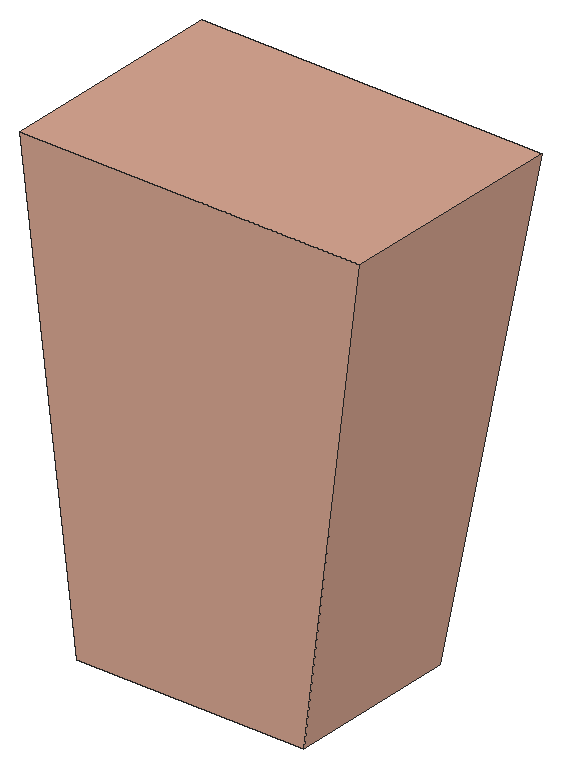
Revit family
Parameters (values of type "Tapered 300 x 200 x 400")
  Top Width = 300 mm
  Top Depth = 200 mm
  Outlet Width = 110.9 mm
  Height = 400 mm
  Dist From Wall = 20 mm
  Base Width = 200 mm
  Base Depth = 150 mm
Types (2, lengths in mm): name | Top Width | Top Depth | Outlet Width | Height | Base Width | Base Depth
  Tapered 300 x 200 x 400 | 300 | 200 | 110.9 | 400 | 200 | 150
  Box 400 x 250 x 300 | 400 | 250 | 125 | 300 | 400 | 250
Reference planes
  plane 1: y = 0
  plane 2 "Center (Left/Right)": x = 128.044
  plane 3 "Back": y = 75
  plane 4: x = 28.044
  plane 5: x = 228.044
  plane 6: x = -21.956
  plane 7: x = 278.044
  plane 8: y = 295
  plane 9: y = 245
  plane 10: y = 95
  plane 11: z = 400
  plane 12: x = 74.444
  plane 13: x = 185.344
Forms (mm)
  Blend 1, solid
    base sketch origin (0, 0, 0) x (1, 0, 0) y (0, 1, 0)
      loop
        line (28.044, 95) -> (228.044, 95) -> (228.044, 245) -> (28.044, 245) -> (28.044, 95)
    top sketch origin (0, 0, 0) x (1, 0, 0) y (0, 1, 0)
      loop
        line (-21.956, 95) -> (278.044, 95) -> (278.044, 295) -> (-21.956, 295) -> (-21.956, 95)
    from 0 to 400
  Extrusion 2, void
    sketch origin (0, 75, 0) x (1, 0, 0) y (0, 0, 1)
      loop
        line (169.461, 278.382) -> (169.461, 328.382) -> (89.466, 328.382) -> (89.466, 278.382) -> (169.461, 278.382)
    from -39.309 to -320
Cuts and joins
  Extrusion 2 cuts Blend 1
Lines and regions (mm)
  symbolic lines, style "Rain Head Symbolic Lines", detail levels medium+fine
    curve 1: line (-21.956, 95, 0) -> (278.044, 95, 0)
    curve 2: line (278.044, 95, 0) -> (278.044, 295, 0)
    curve 3: line (278.044, 295, 0) -> (-21.956, 295, 0)
    curve 4: line (-21.956, 295, 0) -> (-21.956, 95, 0)
  symbolic lines, style "InvisibleLines"
    curve 5: line (125, 0, 0) -> (125, 0, 3000)
Text (mm)
  text "Placement side" at (-1234.553, 510.987, 0), in view "Ref. Level"
  text "Placement side" at (0, 1827.695, 2917.686), in view "Left"
  text "Placement side" at (0, 562.268, 3853.606), in view "Right"
Dimensions and locks
  locked: plane 3 "Back" to host wall at 0
  "Dist From Wall": plane 3 "Back" to plane 10
  "Base Depth": plane 10 to plane 9
  "Top Depth": plane 10 to plane 8
  equal spacing: plane 6, plane 2 "Center (Left/Right)", plane 7
  "Top Width": plane 6 to plane 7
  equal spacing: plane 4, plane 2 "Center (Left/Right)", plane 5
  "Base Width": plane 4 to plane 5
  "Height": level to plane 11
  "Outlet Width": plane 12 to plane 13
  locked: Extrusion 2 to Extrusion 2 at 50
  locked: cut or joined group of Blend 1, Extrusion 2 to cut or joined group of Blend 1, Extrusion 2 at 71.618
  aligned and locked: plane 1 to host wall
  aligned and locked: Blend 1 sketch curve to var sketch
  aligned and locked: plane 10 to Blend 1 sketch curve
  aligned and locked: Blend 1 sketch curve to plane 4
  aligned and locked: Blend 1 sketch curve to plane 9
  aligned and locked: plane 5 to Blend 1 sketch curve
  aligned and locked: Blend 1 sketch curve to plane 6
  aligned and locked: plane 7 to Blend 1 sketch curve
  aligned and locked: Blend 1 sketch curve to plane 8
  aligned and locked: Blend 1 to plane 11
Automatic sketch dimensions
  plane 12 to Extrusion 2 sketch curve = 15.022 mm
  Extrusion 2 sketch curve to plane 13 = 15.883 mm
  plane 11 to Extrusion 2 sketch curve = 121.618 mm
  Extrusion 2 sketch curve to Extrusion 2 sketch curve = 50 mm
  curve 3 to plane 6 = 0 mm
  curve 3 to plane 7 = 0 mm
  curve 1 to plane 10 = 0 mm
  curve 4 to plane 8 = 0 mm
  curve 5 to level = 0 mm
  curve 5 to plane 2 "Center (Left/Right)" = 3.044 mm
  curve 5 to plane 11 = 2600 mm
